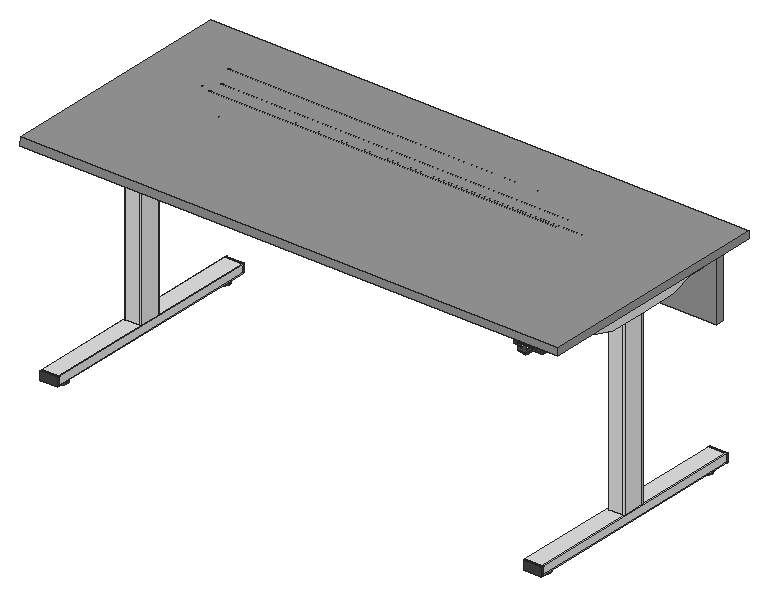
Revit family "Rise LT Rectangular Desk", category Furniture, Revit 2016
Family settings
  OmniClass Number = 23.40.20.00
  OmniClass Title = General Furniture and Specialties
  Work Plane-Based = No
  Always vertical = Yes
  Cut with Voids When Loaded = No
  Shared = No
  Room Calculation Point = No
Parameters (values of type "1800 x 800 with Modesty Panel & Cable Tray")
  Width = 1800 mm
  URL = "www.gof.co.uk"
  Type Comments = ""
  Range = "RISE LT"
  Product Code = "HDLS18"
  Modesty Panel Visible = yes
  Modesty Panel = "BTCPW18"
  HeightControl [instance] = if(Height < 720 mm, 720 mm, (if(Height > 1200 mm, 1200 mm, Height)))  # 727 mm
  Height [instance] = 727 mm
  Desktop = Gresham - Midnight Ash
  Model = ""
  Manufacturer = "Gresham Office Furniture"  # constant formula
  Frame = Gresham - Silver Metal
  Foot = Gresham - Black Plastic
  Cable Tray Visible = yes
  Cable Tray = "MECT18"
  Assembly Code = "E2020200"
Reference planes
  plane 1 "Center (Front/Back)": y = 0
  plane 2: z = 0
  plane 3 "Center (Left/Right)": x = 0
  plane 4: x = -900
  plane 5: x = 900
  plane 6 "Desktop Underside": z = 702
  plane 7: y = 400
  plane 8: y = -400
  plane 9 "Foot": z = 15
  plane 10: z = 727
  plane 11: x = 595.86
  plane 12: x = -595.86
  plane 13 "Control": x = 850
Forms (mm)
  Extrusion 1, solid, material "Gresham - Midnight Ash" <- "Desktop"
    sketch origin (0, 0, 702) x (-1, 0, 0) y (0, -1, 0)
      loop
        line (-900, 400) -> (-900, -400) -> (900, -400) -> (900, 400) -> (-900, 400)
    from 0 to 25
  Extrusion 2, solid, material "Gresham - Silver Metal" <- "Frame"
    sketch origin (-20.86, -302, 0) x (0, 1, 0) y (0, 0, 1)
      loop
        arc (344.5, 657) -> (346.621, 657.879) -> (347.5, 660) r 3
        line (347.5, 660) -> (347.5, 699)
        arc (347.5, 699) -> (346.621, 701.121) -> (344.5, 702) r 3
        line (344.5, 702) -> (307, 702) -> (307, 700) -> (344.5, 700)
        arc (344.5, 700) -> (345.207, 699.707) -> (345.5, 699) r 1
        line (345.5, 699) -> (345.5, 660)
        arc (345.5, 660) -> (345.207, 659.293) -> (344.5, 659) r 1
        line (344.5, 659) -> (310, 659)
        arc (310, 659) -> (309.293, 659.293) -> (309, 660) r 1
        line (309, 660) -> (309, 667) -> (307, 667) -> (307, 660)
        arc (307, 660) -> (307.879, 657.879) -> (310, 657) r 3
        line (310, 657) -> (344.5, 657)
    from -575 to 616.72
Dimensions and locks
  equal spacing: plane 4, plane 3 "Center (Left/Right)", plane 5
  "Width": plane 4 to plane 5
  equal spacing: plane 7, plane 1 "Center (Front/Back)", plane 8
  locked: plane 7 to plane 8 at 800
  locked: plane 2 to plane 9 "Foot" at 15
  "HeightControl": plane 10 to level
  locked: plane 10 to plane 6 "Desktop Underside" at 25
  locked: nested 1 to plane 5 at 60
  locked: plane 7 to nested 1 at 12
  locked: nested 2 to plane 4 at 60
  locked: Extrusion 2 sketch curve to Extrusion 2 sketch curve at 41
  locked: plane 7 to nested 2 at 12
  locked: plane 11 to plane 5 at 304.14
  locked: plane 4 to plane 12 at 304.14
  locked: plane 13 "Control" to plane 5 at 50
  locked: plane 6 "Desktop Underside" to nested 4 at 61.5
  locked: nested 4 to nested 4 at 53.5
  locked: plane 4 to nested 4 at 100
  locked: nested 4 to plane 5 at 100
  locked: plane 4 to nested 5 at 87
  locked: plane 7 to nested 5 at 195
  locked: plane 7 to nested 4 at 53.5
  aligned and locked: level to plane 2
  aligned and locked: plane 10 to Extrusion 1
  aligned and locked: plane 11 to Extrusion 2
  aligned and locked: plane 12 to Extrusion 2
  aligned and locked: nested 3 to plane 8
  aligned and locked: nested 3 to plane 13 "Control"
  aligned and locked: plane 6 "Desktop Underside" to nested 3
  aligned and locked: plane 6 "Desktop Underside" to nested 5
Automatic sketch dimensions
  Extrusion 2 sketch curve to Extrusion 2 sketch curve = 0 mm  (x7)
  Extrusion 2 sketch curve to plane 6 "Desktop Underside" = 0 mm
  Extrusion 2 sketch curve to plane 1 "Center (Front/Back)" = 5 mm
  Extrusion 2 sketch curve to plane 6 "Desktop Underside" = 2 mm
  Extrusion 2 sketch curve to Extrusion 2 sketch curve = 1 mm  (x2)
  Extrusion 2 sketch curve to Extrusion 2 sketch curve = 37.5 mm
  Extrusion 2 sketch curve to Extrusion 2 sketch curve = 34.5 mm
  Extrusion 2 sketch curve to Extrusion 2 sketch curve = 7 mm
  Extrusion 1 sketch curve to plane 5 = 0 mm
  Extrusion 1 sketch curve to plane 7 = 0 mm
  Extrusion 1 sketch curve to plane 4 = 0 mm
  plane 8 to Extrusion 1 sketch curve = 0 mm
Nested families
  nested 1: "Rise LT Leg" at (5, -202, 0), Height <- "HeightControl", type "Rise LT Leg"
    with HeightControl 727 mm, Height 727 mm
  nested 2: "Rise LT Leg" at (-5, -202, 0) x (-1, 0, 0) z (0, 0, 1), Height <- "HeightControl", type "Rise LT Leg"
    with HeightControl 727 mm, Height 727 mm
  nested 3: "Control" at (800, -367.5, 690), type "Controls"
  nested 4: "Cable Tray" at (0, 0, 0), Height <- "Height", visible <- "Cable Tray Visible", type "Cable Tray"
    with HeightControl 727 mm, Height 727 mm
  nested 5: "Modesty Panel" at (0, 0, 0), Height <- "Height", type "Modesty Panel"
    with HeightControl 727 mm, Height 727 mm
Definition of nested family "Rise LT Leg"
  Parameters (values of type "Rise LT Leg")
    Width = 1800 mm
    URL = "www.gof.co.uk"
    Type Comments = ""
    Range = "RISE LT"
    Product Code = ""
    Model = ""
    Manufacturer = "Gresham Office Furniture"  # constant formula
    HeightControl [instance] = if(Height < 720 mm, 720 mm, (if(Height > 1200 mm, 1200 mm, Height)))  # 727 mm
    Height [instance] = 727 mm
    Frame = none
    Foot = none
    Bung = none
    Assembly Code = "E2020200"
  Reference planes
    plane 1 "Center (Front/Back)": y = 200
    plane 2: z = 0
    plane 3 "Center (Left/Right)": x = 0
    plane 4: x = -900
    plane 5: x = 900
    plane 6 "Desktop": z = 727
    plane 7: y = 600
    plane 8: y = -200
    plane 9 "Foot": z = 15
    plane 10 "Desktop Underside": z = 702
    plane 11 "Max Height": z = 1200
    plane 12 "Max Desktop Underside": z = 1175
  Forms (mm)
    Extrusion 1, solid, material <- "Frame"
      sketch origin (0, 0, 727) x (-1, 0, 0) y (0, -1, 0)
        loop
          line (-827.511, -240) -> (-782.511, -240)
          arc (-782.511, -240) -> (-778.976, -238.536) -> (-777.511, -235) r 5
          line (-777.511, -235) -> (-777.511, -165)
          arc (-777.511, -165) -> (-778.976, -161.464) -> (-782.511, -160) r 5
          line (-782.511, -160) -> (-827.511, -160)
          arc (-827.511, -160) -> (-831.047, -161.464) -> (-832.511, -165) r 5
          line (-832.511, -165) -> (-832.511, -235)
          arc (-832.511, -235) -> (-831.047, -238.536) -> (-827.511, -240) r 5
      from -682 to -82
    Extrusion 2, solid, material <- "Frame"
      sketch origin (0, 200, 0) x (1, 0, 0) y (0, 0, 1)
        loop
          line (833, 45) -> (777, 45)
          arc (777, 45) -> (775.586, 44.414) -> (775, 43) r 2
          line (775, 43) -> (775, 17)
          arc (775, 17) -> (775.586, 15.586) -> (777, 15) r 2
          line (777, 15) -> (833, 15)
          arc (833, 15) -> (834.414, 15.586) -> (835, 17) r 2
          line (835, 17) -> (835, 43)
          arc (835, 43) -> (834.414, 44.414) -> (833, 45) r 2
      from -385 to 385
    Extrusion 3, solid, material <- "Frame"
      sketch origin (0, 200, 70) x (1, 0, 0) y (0, 0, 1)
        loop
          line (842.511, 632) -> (590.86, 632) -> (590.86, 617)
          arc (590.86, 617) -> (599.647, 595.787) -> (620.86, 587) r 30
          line (620.86, 587) -> (842.511, 587) -> (842.511, 632)
      from -47.5 to 47.5
    Extrusion 4, solid, material <- "Frame"
      sketch origin (0, 200, 70) x (1, 0, 0) y (0, 0, 1)
        loop
          line (842.511, 632) -> (842.511, 622) -> (844.511, 622) -> (844.511, 630.159) -> (860.511, 630.159) -> (860.511, 579) -> (843.693, 579) -> (843.693, 582.43) -> (841.693, 582.43) -> (841.693, 577) -> (862.511, 577) -> (862.511, 632) -> (842.511, 632)
      from -275 to 275
    Extrusion 5, void
      sketch origin (870.011, 200, 1175) x (0, 0, 1) y (0, 1, 0)
        loop
          line (-528, 0) -> (-528, 125) -> (-483, 275) -> (-473, 275) -> (-473, 333.867) -> (-576.413, 333.867) -> (-576.413, 0) -> (-576.413, -333.867) -> (-473, -333.867) -> (-473, -275) -> (-483, -275) -> (-528, -125) -> (-528, 0)
      from -29.989 to 70.011
    Extrusion 6, solid, material <- "Frame"
      sketch origin (0, 0, 727) x (-1, 0, 0) y (0, -1, 0)
        loop
          line (-827.511, -238) -> (-782.511, -238)
          arc (-782.511, -238) -> (-780.39, -237.121) -> (-779.511, -235) r 3
          line (-779.511, -235) -> (-779.511, -165)
          arc (-779.511, -165) -> (-780.39, -162.879) -> (-782.511, -162) r 3
          line (-782.511, -162) -> (-827.511, -162)
          arc (-827.511, -162) -> (-829.633, -162.879) -> (-830.511, -165) r 3
          line (-830.511, -165) -> (-830.511, -235)
          arc (-830.511, -235) -> (-829.633, -237.121) -> (-827.511, -238) r 3
      from -82 to -70
    Revolve 7, solid, material <- "Foot"
      sketch origin (0, 540, 0) x (1, 0, 0) y (0, 0, 1)
        loop
          line (804.324, 0) -> (824.324, 0) -> (814.324, 15) -> (804.324, 15) -> (804.324, 0)
        axis (804.324, 15) -> (804.324, 0)
      angle from 0 to 360
    Revolve 8, solid, material <- "Foot"
      sketch origin (0, -140, 0) x (1, 0, 0) y (0, 0, -1)
        loop
          line (804.324, 0) -> (804.324, -15) -> (814.324, -15) -> (824.324, 0) -> (804.324, 0)
        axis (804.324, -15) -> (804.324, 0)
      angle from 0 to 360
    Extrusion 9, solid, material <- "Bung"
      sketch origin (0, 201.489, 0) x (1, 0, 0) y (0, 0, 1)
        loop
          line (833, 45) -> (777, 45)
          arc (777, 45) -> (775.586, 44.414) -> (775, 43) r 2
          line (775, 43) -> (775, 17)
          arc (775, 17) -> (775.586, 15.586) -> (777, 15) r 2
          line (777, 15) -> (833, 15)
          arc (833, 15) -> (834.414, 15.586) -> (835, 17) r 2
          line (835, 17) -> (835, 43)
          arc (835, 43) -> (834.414, 44.414) -> (833, 45) r 2
      from 386.489 to 391.489
    Extrusion 10, solid, material <- "Bung"
      sketch origin (0, 198.511, 0) x (1, 0, 0) y (0, 0, -1)
        loop
          arc (833, -45) -> (834.414, -44.414) -> (835, -43) r 2
          line (835, -43) -> (835, -17)
          arc (835, -17) -> (834.414, -15.586) -> (833, -15) r 2
          line (833, -15) -> (777, -15)
          arc (777, -15) -> (775.586, -15.586) -> (775, -17) r 2
          line (775, -17) -> (775, -43)
          arc (775, -43) -> (775.586, -44.414) -> (777, -45) r 2
          line (777, -45) -> (833, -45)
      from 386.489 to 391.489
  Cuts and joins
    Extrusion 5 cuts Extrusion 4
  Dimensions and locks
    equal spacing: plane 4, plane 3 "Center (Left/Right)", plane 5
    "Width": plane 4 to plane 5
    equal spacing: plane 7, plane 1 "Center (Front/Back)", plane 8
    locked: plane 7 to plane 8 at 800
    locked: plane 9 "Foot" to level at 15
    locked: plane 6 "Desktop" to plane 10 "Desktop Underside" at 25
    locked: plane 5 to Extrusion 2 at 65
    Extrusion 3 to Extrusion 3 = 95 mm
    plane 1 "Center (Front/Back)" to Extrusion 4 = 275 mm
    equal spacing: Extrusion 4, plane 1 "Center (Front/Back)", Extrusion 4
    plane 11 "Max Height" to level = 1200 mm
    locked: Extrusion 3 sketch curve to Extrusion 3 sketch curve at 45
    locked: Extrusion 5 sketch curve to Extrusion 5 sketch curve at 103.413
    "HeightControl": plane 6 "Desktop" to level
    locked: Extrusion 1 to level at 645
    locked: Extrusion 2 to Extrusion 2 at 30
    Extrusion 2 to Revolve 7 = 45 mm
    locked: Extrusion 9 to Extrusion 9 at 5
    locked: Extrusion 5 to plane 5 at 100
    locked: Extrusion 10 to Extrusion 10 at 5
    plane 9 "Foot" to level = 15 mm
    Revolve 8 to Extrusion 9 = 45 mm
    locked: Extrusion 3 to plane 5 at 309.14
    aligned and locked: level to plane 2
    aligned and locked: Extrusion 6 to Extrusion 3
    aligned and locked: Extrusion 6 to Extrusion 1
    aligned and locked: Extrusion 2 to plane 9 "Foot"
    aligned and locked: Extrusion 1 to Extrusion 2
    aligned and locked: Extrusion 2 to Extrusion 9
    aligned and locked: Extrusion 5 to plane 5
    aligned and locked: Extrusion 2 to Extrusion 10
  Automatic sketch dimensions
    plane 1 "Center (Front/Back)" to Extrusion 1 sketch curve = 35 mm
    plane 5 to Extrusion 1 sketch curve = 67.489 mm
    Extrusion 1 sketch curve to Extrusion 1 sketch curve = 5 mm  (x3)
    Extrusion 1 sketch curve to Extrusion 1 sketch curve = 45 mm  (x2)
    Extrusion 1 sketch curve to plane 1 "Center (Front/Back)" = 35 mm
    Extrusion 2 sketch curve to plane 9 "Foot" = 0 mm
    plane 9 "Foot" to Extrusion 2 sketch curve = 2 mm  (x2)
    plane 5 to Extrusion 2 sketch curve = 125 mm
    Extrusion 2 sketch curve to Extrusion 2 sketch curve = 2 mm
    Extrusion 2 sketch curve to Extrusion 2 sketch curve = 56 mm
    Extrusion 2 sketch curve to Extrusion 2 sketch curve = 0 mm
    Extrusion 2 sketch curve to Extrusion 2 sketch curve = 26 mm
    Extrusion 3 sketch curve to plane 10 "Desktop Underside" = 0 mm
    plane 3 "Center (Left/Right)" to Extrusion 3 sketch curve = 590.86 mm
    Extrusion 3 sketch curve to Extrusion 3 sketch curve = 30 mm
    plane 5 to Extrusion 3 sketch curve = 57.489 mm
    Extrusion 4 sketch curve to plane 10 "Desktop Underside" = 0 mm
    plane 5 to Extrusion 4 sketch curve = 58.307 mm
    Extrusion 4 sketch curve to plane 10 "Desktop Underside" = 10 mm
    Extrusion 4 sketch curve to Extrusion 4 sketch curve = 0.819 mm
    Extrusion 4 sketch curve to Extrusion 4 sketch curve = 2 mm  (x4)
    Extrusion 4 sketch curve to plane 10 "Desktop Underside" = 1.841 mm
    Extrusion 4 sketch curve to Extrusion 4 sketch curve = 16 mm
    Extrusion 4 sketch curve to Extrusion 4 sketch curve = 39.57 mm
    Extrusion 4 sketch curve to Extrusion 4 sketch curve = 3.43 mm
    Extrusion 5 sketch curve to plane 1 "Center (Front/Back)" = 0 mm  (x2)
    Extrusion 5 sketch curve to plane 10 "Desktop Underside" = 0 mm  (x2)
    Extrusion 5 sketch curve to plane 10 "Desktop Underside" = 55 mm
    Extrusion 5 sketch curve to plane 10 "Desktop Underside" = 10 mm  (x2)
    Extrusion 5 sketch curve to Extrusion 5 sketch curve = 125 mm
    plane 8 to Extrusion 5 sketch curve = 125 mm
    Extrusion 5 sketch curve to Extrusion 5 sketch curve = 58.867 mm
    Extrusion 5 sketch curve to plane 1 "Center (Front/Back)" = 125 mm
    Extrusion 5 sketch curve to plane 7 = 125 mm
    Extrusion 5 sketch curve to plane 7 = 66.133 mm
    plane 1 "Center (Front/Back)" to Extrusion 6 sketch curve = 35 mm
    plane 5 to Extrusion 6 sketch curve = 69.489 mm
    Extrusion 6 sketch curve to Extrusion 6 sketch curve = 3 mm  (x3)
    Extrusion 6 sketch curve to Extrusion 6 sketch curve = 45 mm  (x2)
    Extrusion 6 sketch curve to plane 1 "Center (Front/Back)" = 35 mm
    Revolve 7 sketch curve to level = 0 mm
    Revolve 7 sketch curve to plane 9 "Foot" = 0 mm  (x2)
    plane 5 to Revolve 7 sketch curve = 95.676 mm
    Revolve 7 sketch curve to Revolve 7 sketch curve = 10 mm  (x2)
    Revolve 7 sketch curve to Revolve 7 sketch curve = 0 mm
    Revolve 7 sketch curve to Revolve 7 sketch curve = 11.548 mm
    Revolve 8 sketch curve to level = 0 mm
    Revolve 8 sketch curve to plane 9 "Foot" = 0 mm  (x2)
    plane 5 to Revolve 8 sketch curve = 95.676 mm
    Revolve 8 sketch curve to Revolve 8 sketch curve = 10 mm  (x2)
    Revolve 8 sketch curve to Revolve 8 sketch curve = 0 mm
    Revolve 8 sketch curve to Revolve 8 sketch curve = 11.548 mm
    Extrusion 9 sketch curve to plane 9 "Foot" = 0 mm
    plane 9 "Foot" to Extrusion 9 sketch curve = 28 mm
    plane 5 to Extrusion 9 sketch curve = 125 mm
    Extrusion 9 sketch curve to Extrusion 9 sketch curve = 2 mm  (x3)
    Extrusion 9 sketch curve to Extrusion 9 sketch curve = 56 mm
    Extrusion 9 sketch curve to Extrusion 9 sketch curve = 0 mm
    Extrusion 10 sketch curve to plane 9 "Foot" = 0 mm
    plane 9 "Foot" to Extrusion 10 sketch curve = 28 mm
    plane 5 to Extrusion 10 sketch curve = 125 mm
    Extrusion 10 sketch curve to Extrusion 10 sketch curve = 2 mm  (x3)
    Extrusion 10 sketch curve to Extrusion 10 sketch curve = 56 mm
    Extrusion 10 sketch curve to Extrusion 10 sketch curve = 0 mm
Definition of nested family "Control"
  Parameters (values of type "Controls")
    URL = "www.gof.co.uk"
    Rubber Keys = none
    Range = "RANGE LT"
    Product Code = "Controls"
    Plastic Case = none
    Manufacturer = "Gresham Office Furniture"  # constant formula
  Reference planes
    plane 1 "Center (Front/Back)": y = 0
    plane 2: z = 0
    plane 3 "Center (Left/Right)": x = 0
  Forms (mm)
    Extrusion 1, solid, material <- "Plastic Case"
      sketch origin (0, 0, 0) x (1, 0, 0) y (0, 1, 0)
        loop
          arc (-45, 32.5) -> (-48.536, 31.036) -> (-50, 27.5) r 5
          line (-50, 27.5) -> (-50, -27.5)
          arc (-50, -27.5) -> (-48.536, -31.036) -> (-45, -32.5) r 5
          line (-45, -32.5) -> (45, -32.5)
          arc (45, -32.5) -> (48.536, -31.036) -> (50, -27.5) r 5
          line (50, -27.5) -> (50, 27.5)
          arc (50, 27.5) -> (48.536, 31.036) -> (45, 32.5) r 5
          line (45, 32.5) -> (-45, 32.5)
      from 0 to 12
    Sweep 2, solid, material <- "Plastic Case"
      path origin (0, 0, 2) x (0, 1, 0) y (0, 0, 1)
        loop
          line (-32.5, 6) -> (-36.392, 6)
          arc (-36.392, 6) -> (-37.474, 5.881) -> (-38.505, 5.532) r 5
          line (-38.505, 5.532) -> (-55.626, -2.452)
      profile origin (0, -34.446, 8) x (0, 0, -1) y (1, 0, 0)
        loop
          line (-4, 30) -> (-4, -30) -> (4, -30) -> (4, 30) -> (-4, 30)
    Extrusion 3, void
      sketch origin (-30, -40.195, 11.157) x (0, -0.906308, -0.422618) y (1, 0, 0)
        loop
          line (18.892, 75) -> (-7.33, 75) -> (-7.33, 60) -> (10.178, 50.091)
          arc (10.178, 50.091) -> (14.833, 46.912) -> (18.892, 43) r 33.579
          line (18.892, 43) -> (18.892, 75)
      from -13.674 to 7.77
    Extrusion 4, void
      sketch origin (30, -40.195, 11.157) x (0, -0.906308, -0.422618) y (1, 0, 0)
        loop
          line (18.892, -75) -> (18.892, -43)
          arc (18.892, -43) -> (14.833, -46.912) -> (10.178, -50.091) r 33.579
          line (10.178, -50.091) -> (-7.33, -60) -> (-7.33, -75) -> (18.892, -75)
      from -13.674 to 7.77
    Extrusion 5, solid, material <- "Rubber Keys"
      sketch origin (-30, -40.195, 11.157) x (0, -0.906308, -0.422618) y (1, 0, 0)
        loop
          line (0.281, 19.363) -> (8.531, 14.6) -> (8.531, 24.126) -> (0.281, 19.363)
        loop
          line (0.656, 35.874) -> (8.906, 40.637) -> (0.656, 45.4) -> (0.656, 35.874)
      from 0 to 1.5
  Cuts and joins
    Extrusion 3, Extrusion 4 cuts Sweep 2
  Dimensions and locks
    aligned and locked: level to plane 2
Definition of nested family "Cable Tray"
  Parameters (values of type "Cable Tray")
    Width = 1800 mm
    URL = "www.gof.co.uk"
    Type Comments = ""
    Range = "RISE LT"
    Product Code = ""
    Modesty Panel = none
    HeightControl [instance] = if(Height < 720 mm, 720 mm, (if(Height > 1200 mm, 1200 mm, Height)))  # 727 mm
    Height [instance] = 727 mm
    Desktop = none
    Model = ""
    Manufacturer = "Gresham Office Furniture"  # constant formula
    Frame = none
    Foot = none
    Cable Tray Clips = none
    Cable Tray = yes
    Assembly Code = "E2020200"
  Reference planes
    plane 1 "Center (Front/Back)": y = 0
    plane 2: z = 0
    plane 3 "Center (Left/Right)": x = 0
    plane 4: x = -900
    plane 5: x = 900
    plane 6 "Desktop Underside": z = 702
    plane 7: y = 400
    plane 8: y = -400
    plane 9 "Foot": z = 15
    plane 10: z = 727
    plane 11 "Cable Tray Left": x = -800
    plane 12 "Cable Tray Right": x = 800
  Forms (mm)
    Extrusion 1, solid, material <- "Frame", visible <- "Cable Tray"
      sketch origin (0, 12.089, -4.885) x (0, 1, 0) y (0, 0, 1)
        loop
          circle (301.911, 615.385) r 1.5
        loop
          circle (251.911, 615.385) r 1.5
        loop
          circle (220.911, 645.385) r 1.5
        loop
          circle (332.911, 645.385) r 1.5
      from -800 to 800
    Sweep 2, solid, material <- "Frame", visible <- "Cable Tray"
      path in 3D
        loop
          line (0, 341.76, 640.5) -> (0, 333.661, 615.573)
          arc (0, 333.661, 615.573) -> (0, 332.571, 614.073) -> (0, 330.808, 613.5) r 3
          line (0, 330.808, 613.5) -> (0, 247.192, 613.5)
          arc (0, 247.192, 613.5) -> (0, 245.429, 614.073) -> (0, 244.339, 615.573) r 3
          line (0, 244.339, 615.573) -> (0, 236.24, 640.5)
      profile origin (0, 289, 613.5) x (0, 0, 1) y (-1, 0, 0)
        loop
          circle (0, 0) r 1.5
    Sweep 3, solid, material <- "Frame", visible <- "Cable Tray", not visible
      path in 3D
        loop
          line (0, 329.671, 645.385) -> (0, 321.572, 620.458)
          arc (0, 321.572, 620.458) -> (0, 320.482, 618.958) -> (0, 318.719, 618.385) r 3
          line (0, 318.719, 618.385) -> (0, 235.103, 618.385)
          arc (0, 235.103, 618.385) -> (0, 233.34, 618.958) -> (0, 232.25, 620.458) r 3
          line (0, 232.25, 620.458) -> (0, 224.151, 645.385)
      profile origin (0, 276.911, 618.385) x (0, 0, 1) y (-1, 0, 0)
        loop
          circle (0, 0) r 1.5
    Sweep 4, solid, material <- "Frame", visible <- "Cable Tray"
      path in 3D
        loop
          line (800, 342.073, 640.5) -> (800, 333.974, 615.573)
          arc (800, 333.974, 615.573) -> (800, 332.884, 614.073) -> (800, 331.121, 613.5) r 3
          line (800, 331.121, 613.5) -> (800, 247.505, 613.5)
          arc (800, 247.505, 613.5) -> (800, 245.742, 614.073) -> (800, 244.652, 615.573) r 3
          line (800, 244.652, 615.573) -> (800, 236.553, 640.5)
      profile origin (800, 289.313, 613.5) x (0, 0, 1) y (-1, 0, 0)
        loop
          circle (0, 0) r 1.5
    Sweep 5, solid, material <- "Frame", visible <- "Cable Tray"
      path in 3D
        loop
          line (-800, 342.073, 640.5) -> (-800, 333.974, 615.573)
          arc (-800, 333.974, 615.573) -> (-800, 332.884, 614.073) -> (-800, 331.121, 613.5) r 3
          line (-800, 331.121, 613.5) -> (-800, 247.505, 613.5)
          arc (-800, 247.505, 613.5) -> (-800, 245.742, 614.073) -> (-800, 244.652, 615.573) r 3
          line (-800, 244.652, 615.573) -> (-800, 236.553, 640.5)
      profile origin (-800, 289.313, 613.5) x (0, 0, 1) y (-1, 0, 0)
        loop
          circle (0, 0) r 1.5
    Sweep 6, solid, material <- "Frame", visible <- "Cable Tray"
      path in 3D
        loop
          line (100, 341.76, 640.5) -> (100, 333.661, 615.573)
          arc (100, 333.661, 615.573) -> (100, 332.571, 614.073) -> (100, 330.808, 613.5) r 3
          line (100, 330.808, 613.5) -> (100, 247.192, 613.5)
          arc (100, 247.192, 613.5) -> (100, 245.429, 614.073) -> (100, 244.339, 615.573) r 3
          line (100, 244.339, 615.573) -> (100, 236.24, 640.5)
      profile origin (100, 289, 613.5) x (0, 0, 1) y (-1, 0, 0)
        loop
          circle (0, 0) r 1.5
    Sweep 7, solid, material <- "Frame", visible <- "Cable Tray"
      path in 3D
        loop
          line (300, 341.76, 640.5) -> (300, 333.661, 615.573)
          arc (300, 333.661, 615.573) -> (300, 332.571, 614.073) -> (300, 330.808, 613.5) r 3
          line (300, 330.808, 613.5) -> (300, 247.192, 613.5)
          arc (300, 247.192, 613.5) -> (300, 245.429, 614.073) -> (300, 244.339, 615.573) r 3
          line (300, 244.339, 615.573) -> (300, 236.24, 640.5)
      profile origin (300, 289, 613.5) x (0, 0, 1) y (-1, 0, 0)
        loop
          circle (0, 0) r 1.5
    Sweep 8, solid, material <- "Frame", visible <- "Cable Tray"
      path in 3D
        loop
          line (400, 341.76, 640.5) -> (400, 333.661, 615.573)
          arc (400, 333.661, 615.573) -> (400, 332.571, 614.073) -> (400, 330.808, 613.5) r 3
          line (400, 330.808, 613.5) -> (400, 247.192, 613.5)
          arc (400, 247.192, 613.5) -> (400, 245.429, 614.073) -> (400, 244.339, 615.573) r 3
          line (400, 244.339, 615.573) -> (400, 236.24, 640.5)
      profile origin (400, 289, 613.5) x (0, 0, 1) y (-1, 0, 0)
        loop
          circle (0, 0) r 1.5
    Sweep 9, solid, material <- "Frame", visible <- "Cable Tray"
      path in 3D
        loop
          line (500, 341.76, 640.5) -> (500, 333.661, 615.573)
          arc (500, 333.661, 615.573) -> (500, 332.571, 614.073) -> (500, 330.808, 613.5) r 3
          line (500, 330.808, 613.5) -> (500, 247.192, 613.5)
          arc (500, 247.192, 613.5) -> (500, 245.429, 614.073) -> (500, 244.339, 615.573) r 3
          line (500, 244.339, 615.573) -> (500, 236.24, 640.5)
      profile origin (500, 289, 613.5) x (0, 0, 1) y (-1, 0, 0)
        loop
          circle (0, 0) r 1.5
    Sweep 10, solid, material <- "Frame", visible <- "Cable Tray"
      path in 3D
        loop
          line (600, 341.76, 640.5) -> (600, 333.661, 615.573)
          arc (600, 333.661, 615.573) -> (600, 332.571, 614.073) -> (600, 330.808, 613.5) r 3
          line (600, 330.808, 613.5) -> (600, 247.192, 613.5)
          arc (600, 247.192, 613.5) -> (600, 245.429, 614.073) -> (600, 244.339, 615.573) r 3
          line (600, 244.339, 615.573) -> (600, 236.24, 640.5)
      profile origin (600, 289, 613.5) x (0, 0, 1) y (-1, 0, 0)
        loop
          circle (0, 0) r 1.5
    Sweep 11, solid, material <- "Frame", visible <- "Cable Tray"
      path in 3D
        loop
          line (700, 341.76, 640.5) -> (700, 333.661, 615.573)
          arc (700, 333.661, 615.573) -> (700, 332.571, 614.073) -> (700, 330.808, 613.5) r 3
          line (700, 330.808, 613.5) -> (700, 247.192, 613.5)
          arc (700, 247.192, 613.5) -> (700, 245.429, 614.073) -> (700, 244.339, 615.573) r 3
          line (700, 244.339, 615.573) -> (700, 236.24, 640.5)
      profile origin (700, 289, 613.5) x (0, 0, 1) y (-1, 0, 0)
        loop
          circle (0, 0) r 1.5
    Sweep 12, solid, material <- "Frame", visible <- "Cable Tray"
      path in 3D
        loop
          line (200, 341.76, 640.5) -> (200, 333.661, 615.573)
          arc (200, 333.661, 615.573) -> (200, 332.571, 614.073) -> (200, 330.808, 613.5) r 3
          line (200, 330.808, 613.5) -> (200, 247.192, 613.5)
          arc (200, 247.192, 613.5) -> (200, 245.429, 614.073) -> (200, 244.339, 615.573) r 3
          line (200, 244.339, 615.573) -> (200, 236.24, 640.5)
      profile origin (200, 289, 613.5) x (0, 0, 1) y (-1, 0, 0)
        loop
          circle (0, 0) r 1.5
    Sweep 13, solid, material <- "Frame", visible <- "Cable Tray"
      path in 3D
        loop
          line (-100, 341.76, 640.5) -> (-100, 333.661, 615.573)
          arc (-100, 333.661, 615.573) -> (-100, 332.571, 614.073) -> (-100, 330.808, 613.5) r 3
          line (-100, 330.808, 613.5) -> (-100, 247.192, 613.5)
          arc (-100, 247.192, 613.5) -> (-100, 245.429, 614.073) -> (-100, 244.339, 615.573) r 3
          line (-100, 244.339, 615.573) -> (-100, 236.24, 640.5)
      profile origin (-100, 289, 613.5) x (0, 0, 1) y (-1, 0, 0)
        loop
          circle (0, 0) r 1.5
    Sweep 14, solid, material <- "Frame", visible <- "Cable Tray"
      path in 3D
        loop
          line (-300, 341.76, 640.5) -> (-300, 333.661, 615.573)
          arc (-300, 333.661, 615.573) -> (-300, 332.571, 614.073) -> (-300, 330.808, 613.5) r 3
          line (-300, 330.808, 613.5) -> (-300, 247.192, 613.5)
          arc (-300, 247.192, 613.5) -> (-300, 245.429, 614.073) -> (-300, 244.339, 615.573) r 3
          line (-300, 244.339, 615.573) -> (-300, 236.24, 640.5)
      profile origin (-300, 289, 613.5) x (0, 0, 1) y (-1, 0, 0)
        loop
          circle (0, 0) r 1.5
    Sweep 15, solid, material <- "Frame", visible <- "Cable Tray"
      path in 3D
        loop
          line (-400, 341.76, 640.5) -> (-400, 333.661, 615.573)
          arc (-400, 333.661, 615.573) -> (-400, 332.571, 614.073) -> (-400, 330.808, 613.5) r 3
          line (-400, 330.808, 613.5) -> (-400, 247.192, 613.5)
          arc (-400, 247.192, 613.5) -> (-400, 245.429, 614.073) -> (-400, 244.339, 615.573) r 3
          line (-400, 244.339, 615.573) -> (-400, 236.24, 640.5)
      profile origin (-400, 289, 613.5) x (0, 0, 1) y (-1, 0, 0)
        loop
          circle (0, 0) r 1.5
    Sweep 16, solid, material <- "Frame", visible <- "Cable Tray"
      path in 3D
        loop
          line (-500, 341.76, 640.5) -> (-500, 333.661, 615.573)
          arc (-500, 333.661, 615.573) -> (-500, 332.571, 614.073) -> (-500, 330.808, 613.5) r 3
          line (-500, 330.808, 613.5) -> (-500, 247.192, 613.5)
          arc (-500, 247.192, 613.5) -> (-500, 245.429, 614.073) -> (-500, 244.339, 615.573) r 3
          line (-500, 244.339, 615.573) -> (-500, 236.24, 640.5)
      profile origin (-500, 289, 613.5) x (0, 0, 1) y (-1, 0, 0)
        loop
          circle (0, 0) r 1.5
    Sweep 17, solid, material <- "Frame", visible <- "Cable Tray"
      path in 3D
        loop
          line (-600, 341.76, 640.5) -> (-600, 333.661, 615.573)
          arc (-600, 333.661, 615.573) -> (-600, 332.571, 614.073) -> (-600, 330.808, 613.5) r 3
          line (-600, 330.808, 613.5) -> (-600, 247.192, 613.5)
          arc (-600, 247.192, 613.5) -> (-600, 245.429, 614.073) -> (-600, 244.339, 615.573) r 3
          line (-600, 244.339, 615.573) -> (-600, 236.24, 640.5)
      profile origin (-600, 289, 613.5) x (0, 0, 1) y (-1, 0, 0)
        loop
          circle (0, 0) r 1.5
    Sweep 18, solid, material <- "Frame", visible <- "Cable Tray"
      path in 3D
        loop
          line (-700, 341.76, 640.5) -> (-700, 333.661, 615.573)
          arc (-700, 333.661, 615.573) -> (-700, 332.571, 614.073) -> (-700, 330.808, 613.5) r 3
          line (-700, 330.808, 613.5) -> (-700, 247.192, 613.5)
          arc (-700, 247.192, 613.5) -> (-700, 245.429, 614.073) -> (-700, 244.339, 615.573) r 3
          line (-700, 244.339, 615.573) -> (-700, 236.24, 640.5)
      profile origin (-700, 289, 613.5) x (0, 0, 1) y (-1, 0, 0)
        loop
          circle (0, 0) r 1.5
    Sweep 19, solid, material <- "Frame", visible <- "Cable Tray"
      path in 3D
        loop
          line (-200, 341.76, 640.5) -> (-200, 333.661, 615.573)
          arc (-200, 333.661, 615.573) -> (-200, 332.571, 614.073) -> (-200, 330.808, 613.5) r 3
          line (-200, 330.808, 613.5) -> (-200, 247.192, 613.5)
          arc (-200, 247.192, 613.5) -> (-200, 245.429, 614.073) -> (-200, 244.339, 615.573) r 3
          line (-200, 244.339, 615.573) -> (-200, 236.24, 640.5)
      profile origin (-200, 289, 613.5) x (0, 0, 1) y (-1, 0, 0)
        loop
          circle (0, 0) r 1.5
    Extrusion 20, solid, material <- "Cable Tray Clips", visible <- "Cable Tray"
      sketch origin (615, 0, 0) x (0, 1, 0) y (0, 0, 1)
        loop
          arc (346.5, 640.5) -> (345, 639) -> (343.5, 640.5) r 1.5
          line (343.5, 640.5) -> (343.5, 645.926) -> (340.5, 645.926) -> (340.5, 640.5)
          arc (340.5, 640.5) -> (345, 636) -> (349.5, 640.5) r 4.5
          line (349.5, 640.5) -> (349.5, 677.5)
          arc (349.5, 677.5) -> (348.692, 680.415) -> (346.5, 682.5) r 5.667
          arc (346.5, 682.5) -> (322.774, 690.464) -> (297.984, 693.899) r 134.615
          line (297.984, 693.899) -> (297.984, 697) -> (303.984, 697) -> (303.984, 702) -> (279.984, 702) -> (279.984, 697) -> (285.984, 697) -> (285.984, 693.899)
          arc (285.984, 693.899) -> (261.193, 690.464) -> (237.467, 682.5) r 134.615
          arc (237.467, 682.5) -> (235.275, 680.415) -> (234.435, 677.5) r 5.667
          line (234.435, 677.5) -> (234.435, 670.5)
          arc (234.435, 670.5) -> (232.935, 669) -> (231.435, 670.5) r 1.5
          line (231.435, 670.5) -> (231.435, 675.5) -> (228.435, 675.5) -> (228.435, 670.5)
          arc (228.435, 670.5) -> (230.365, 666.806) -> (234.5, 666.281) r 4.5
          line (234.5, 666.281) -> (234.5, 640.5)
          arc (234.5, 640.5) -> (233, 639) -> (231.5, 640.5) r 1.5
          line (231.5, 640.5) -> (231.5, 645.5) -> (228.5, 645.5) -> (228.5, 640.5)
          arc (228.5, 640.5) -> (233, 636) -> (237.5, 640.5) r 4.5
          line (237.5, 640.5) -> (237.5, 677.793)
          arc (237.5, 677.793) -> (237.882, 679.174) -> (238.92, 680.161) r 2.683
          arc (238.92, 680.161) -> (291.984, 691.033) -> (345.047, 680.161) r 134.926
          arc (345.047, 680.161) -> (346.085, 679.174) -> (346.467, 677.793) r 2.683
          line (346.467, 677.793) -> (346.467, 670.5)
          arc (346.467, 670.5) -> (344.951, 668.984) -> (343.435, 670.5) r 1.516
          line (343.435, 670.5) -> (343.435, 675.5) -> (340.435, 675.5) -> (340.435, 670.5)
          arc (340.435, 670.5) -> (342.365, 666.806) -> (346.5, 666.281) r 4.5
          line (346.5, 666.281) -> (346.5, 640.5)
      from 0 to 25
    Extrusion 21, solid, material <- "Cable Tray Clips", visible <- "Cable Tray"
      sketch origin (-615, 0, 0) x (0, 1, 0) y (0, 0, -1)
        loop
          line (346.5, -640.5) -> (346.5, -666.281)
          arc (346.5, -666.281) -> (342.365, -666.806) -> (340.435, -670.5) r 4.5
          line (340.435, -670.5) -> (340.435, -675.5) -> (343.435, -675.5) -> (343.435, -670.5)
          arc (343.435, -670.5) -> (344.951, -668.984) -> (346.467, -670.5) r 1.516
          line (346.467, -670.5) -> (346.467, -677.793)
          arc (346.467, -677.793) -> (346.085, -679.174) -> (345.047, -680.161) r 2.683
          arc (345.047, -680.161) -> (291.984, -691.033) -> (238.92, -680.161) r 134.926
          arc (238.92, -680.161) -> (237.882, -679.174) -> (237.5, -677.793) r 2.683
          line (237.5, -677.793) -> (237.5, -640.5)
          arc (237.5, -640.5) -> (233, -636) -> (228.5, -640.5) r 4.5
          line (228.5, -640.5) -> (228.5, -645.5) -> (231.5, -645.5) -> (231.5, -640.5)
          arc (231.5, -640.5) -> (233, -639) -> (234.5, -640.5) r 1.5
          line (234.5, -640.5) -> (234.5, -666.281)
          arc (234.5, -666.281) -> (230.365, -666.806) -> (228.435, -670.5) r 4.5
          line (228.435, -670.5) -> (228.435, -675.5) -> (231.435, -675.5) -> (231.435, -670.5)
          arc (231.435, -670.5) -> (232.935, -669) -> (234.435, -670.5) r 1.5
          line (234.435, -670.5) -> (234.435, -677.5)
          arc (234.435, -677.5) -> (235.275, -680.415) -> (237.467, -682.5) r 5.667
          arc (237.467, -682.5) -> (261.193, -690.464) -> (285.984, -693.899) r 134.615
          line (285.984, -693.899) -> (285.984, -697) -> (279.984, -697) -> (279.984, -702) -> (303.984, -702) -> (303.984, -697) -> (297.984, -697) -> (297.984, -693.899)
          arc (297.984, -693.899) -> (322.774, -690.464) -> (346.5, -682.5) r 134.615
          arc (346.5, -682.5) -> (348.692, -680.415) -> (349.5, -677.5) r 5.667
          line (349.5, -677.5) -> (349.5, -640.5)
          arc (349.5, -640.5) -> (345, -636) -> (340.5, -640.5) r 4.5
          line (340.5, -640.5) -> (340.5, -645.926) -> (343.5, -645.926) -> (343.5, -640.5)
          arc (343.5, -640.5) -> (345, -639) -> (346.5, -640.5) r 1.5
      from 0 to 25
  Lines and regions (mm)
    model lines, not visible
      curve 1: arc (0, 315.5, 610.5) -> (0, 314, 612) -> (0, 312.5, 610.5) r 1.5
      curve 2: arc (0, 265.5, 610.5) -> (0, 264, 612) -> (0, 262.5, 610.5) r 1.5
      curve 3: line (0, 330.808, 613.5) -> (0, 247.192, 613.5)
      curve 4: line (0, 244.339, 615.573) -> (0, 236.24, 640.5)
      curve 5: arc (0, 247.192, 613.5) -> (0, 245.429, 614.073) -> (0, 244.339, 615.573) r 3
      curve 6: line (0, 333.661, 615.573) -> (0, 341.76, 640.5)
      curve 7: arc (0, 330.808, 613.5) -> (0, 332.571, 614.073) -> (0, 333.661, 615.573) r 3
      curve 13: arc (0, 303.411, 615.385) -> (0, 301.911, 616.885) -> (0, 300.411, 615.385) r 1.5
      curve 14: arc (0, 253.411, 615.385) -> (0, 251.911, 616.885) -> (0, 250.411, 615.385) r 1.5
      curve 15: line (0, 318.719, 618.385) -> (0, 235.103, 618.385)
      curve 16: line (0, 232.25, 620.458) -> (0, 224.151, 645.385)
      curve 17: arc (0, 235.103, 618.385) -> (0, 233.34, 618.958) -> (0, 232.25, 620.458) r 3
      curve 18: line (0, 321.572, 620.458) -> (0, 329.671, 645.385)
      curve 19: arc (0, 318.719, 618.385) -> (0, 320.482, 618.958) -> (0, 321.572, 620.458) r 3
      curve 25: arc (800, 315.813, 610.5) -> (800, 314.313, 612) -> (800, 312.813, 610.5) r 1.5
      curve 26: arc (800, 265.813, 610.5) -> (800, 264.313, 612) -> (800, 262.813, 610.5) r 1.5
      curve 27: line (800, 331.121, 613.5) -> (800, 247.505, 613.5)
      curve 28: line (800, 244.652, 615.573) -> (800, 236.553, 640.5)
      curve 29: arc (800, 247.505, 613.5) -> (800, 245.742, 614.073) -> (800, 244.652, 615.573) r 3
      curve 30: line (800, 333.974, 615.573) -> (800, 342.073, 640.5)
      curve 31: arc (800, 331.121, 613.5) -> (800, 332.884, 614.073) -> (800, 333.974, 615.573) r 3
      curve 37: arc (-800, 315.813, 610.5) -> (-800, 314.313, 612) -> (-800, 312.813, 610.5) r 1.5
      curve 38: arc (-800, 265.813, 610.5) -> (-800, 264.313, 612) -> (-800, 262.813, 610.5) r 1.5
      curve 39: line (-800, 331.121, 613.5) -> (-800, 247.505, 613.5)
      curve 40: line (-800, 244.652, 615.573) -> (-800, 236.553, 640.5)
      curve 41: arc (-800, 247.505, 613.5) -> (-800, 245.742, 614.073) -> (-800, 244.652, 615.573) r 3
      curve 42: line (-800, 333.974, 615.573) -> (-800, 342.073, 640.5)
      curve 43: arc (-800, 331.121, 613.5) -> (-800, 332.884, 614.073) -> (-800, 333.974, 615.573) r 3
      curve 49: arc (100, 315.5, 610.5) -> (100, 314, 612) -> (100, 312.5, 610.5) r 1.5
      curve 50: arc (100, 265.5, 610.5) -> (100, 264, 612) -> (100, 262.5, 610.5) r 1.5
      curve 51: line (100, 330.808, 613.5) -> (100, 247.192, 613.5)
      curve 52: line (100, 244.339, 615.573) -> (100, 236.24, 640.5)
      curve 53: arc (100, 247.192, 613.5) -> (100, 245.429, 614.073) -> (100, 244.339, 615.573) r 3
      curve 54: line (100, 333.661, 615.573) -> (100, 341.76, 640.5)
      curve 55: arc (100, 330.808, 613.5) -> (100, 332.571, 614.073) -> (100, 333.661, 615.573) r 3
      curve 61: arc (300, 315.5, 610.5) -> (300, 314, 612) -> (300, 312.5, 610.5) r 1.5
      curve 62: arc (300, 265.5, 610.5) -> (300, 264, 612) -> (300, 262.5, 610.5) r 1.5
      curve 63: line (300, 330.808, 613.5) -> (300, 247.192, 613.5)
      curve 64: line (300, 244.339, 615.573) -> (300, 236.24, 640.5)
      curve 65: arc (300, 247.192, 613.5) -> (300, 245.429, 614.073) -> (300, 244.339, 615.573) r 3
      curve 66: line (300, 333.661, 615.573) -> (300, 341.76, 640.5)
      curve 67: arc (300, 330.808, 613.5) -> (300, 332.571, 614.073) -> (300, 333.661, 615.573) r 3
      curve 73: arc (400, 315.5, 610.5) -> (400, 314, 612) -> (400, 312.5, 610.5) r 1.5
      curve 74: arc (400, 265.5, 610.5) -> (400, 264, 612) -> (400, 262.5, 610.5) r 1.5
      curve 75: line (400, 330.808, 613.5) -> (400, 247.192, 613.5)
      curve 76: line (400, 244.339, 615.573) -> (400, 236.24, 640.5)
      curve 77: arc (400, 247.192, 613.5) -> (400, 245.429, 614.073) -> (400, 244.339, 615.573) r 3
      curve 78: line (400, 333.661, 615.573) -> (400, 341.76, 640.5)
      curve 79: arc (400, 330.808, 613.5) -> (400, 332.571, 614.073) -> (400, 333.661, 615.573) r 3
      curve 85: arc (500, 315.5, 610.5) -> (500, 314, 612) -> (500, 312.5, 610.5) r 1.5
      curve 86: arc (500, 265.5, 610.5) -> (500, 264, 612) -> (500, 262.5, 610.5) r 1.5
      curve 87: line (500, 330.808, 613.5) -> (500, 247.192, 613.5)
      curve 88: line (500, 244.339, 615.573) -> (500, 236.24, 640.5)
      curve 89: arc (500, 247.192, 613.5) -> (500, 245.429, 614.073) -> (500, 244.339, 615.573) r 3
      curve 90: line (500, 333.661, 615.573) -> (500, 341.76, 640.5)
      curve 91: arc (500, 330.808, 613.5) -> (500, 332.571, 614.073) -> (500, 333.661, 615.573) r 3
      curve 97: arc (600, 315.5, 610.5) -> (600, 314, 612) -> (600, 312.5, 610.5) r 1.5
      curve 98: arc (600, 265.5, 610.5) -> (600, 264, 612) -> (600, 262.5, 610.5) r 1.5
      curve 99: line (600, 330.808, 613.5) -> (600, 247.192, 613.5)
      curve 100: line (600, 244.339, 615.573) -> (600, 236.24, 640.5)
      curve 101: arc (600, 247.192, 613.5) -> (600, 245.429, 614.073) -> (600, 244.339, 615.573) r 3
      curve 102: line (600, 333.661, 615.573) -> (600, 341.76, 640.5)
      curve 103: arc (600, 330.808, 613.5) -> (600, 332.571, 614.073) -> (600, 333.661, 615.573) r 3
      curve 109: arc (700, 315.5, 610.5) -> (700, 314, 612) -> (700, 312.5, 610.5) r 1.5
      curve 110: arc (700, 265.5, 610.5) -> (700, 264, 612) -> (700, 262.5, 610.5) r 1.5
      curve 111: line (700, 330.808, 613.5) -> (700, 247.192, 613.5)
      curve 112: line (700, 244.339, 615.573) -> (700, 236.24, 640.5)
      curve 113: arc (700, 247.192, 613.5) -> (700, 245.429, 614.073) -> (700, 244.339, 615.573) r 3
      curve 114: line (700, 333.661, 615.573) -> (700, 341.76, 640.5)
      curve 115: arc (700, 330.808, 613.5) -> (700, 332.571, 614.073) -> (700, 333.661, 615.573) r 3
      curve 121: arc (200, 315.5, 610.5) -> (200, 314, 612) -> (200, 312.5, 610.5) r 1.5
      curve 122: arc (200, 265.5, 610.5) -> (200, 264, 612) -> (200, 262.5, 610.5) r 1.5
      curve 123: line (200, 330.808, 613.5) -> (200, 247.192, 613.5)
      curve 124: line (200, 244.339, 615.573) -> (200, 236.24, 640.5)
      curve 125: arc (200, 247.192, 613.5) -> (200, 245.429, 614.073) -> (200, 244.339, 615.573) r 3
      curve 126: line (200, 333.661, 615.573) -> (200, 341.76, 640.5)
      curve 127: arc (200, 330.808, 613.5) -> (200, 332.571, 614.073) -> (200, 333.661, 615.573) r 3
      curve 133: arc (-100, 315.5, 610.5) -> (-100, 314, 612) -> (-100, 312.5, 610.5) r 1.5
      curve 134: arc (-100, 265.5, 610.5) -> (-100, 264, 612) -> (-100, 262.5, 610.5) r 1.5
      curve 135: line (-100, 330.808, 613.5) -> (-100, 247.192, 613.5)
      curve 136: line (-100, 244.339, 615.573) -> (-100, 236.24, 640.5)
      curve 137: arc (-100, 247.192, 613.5) -> (-100, 245.429, 614.073) -> (-100, 244.339, 615.573) r 3
      curve 138: line (-100, 333.661, 615.573) -> (-100, 341.76, 640.5)
      curve 139: arc (-100, 330.808, 613.5) -> (-100, 332.571, 614.073) -> (-100, 333.661, 615.573) r 3
      curve 145: arc (-300, 315.5, 610.5) -> (-300, 314, 612) -> (-300, 312.5, 610.5) r 1.5
      curve 146: arc (-300, 265.5, 610.5) -> (-300, 264, 612) -> (-300, 262.5, 610.5) r 1.5
      curve 147: line (-300, 330.808, 613.5) -> (-300, 247.192, 613.5)
      curve 148: line (-300, 244.339, 615.573) -> (-300, 236.24, 640.5)
      curve 149: arc (-300, 247.192, 613.5) -> (-300, 245.429, 614.073) -> (-300, 244.339, 615.573) r 3
      curve 150: line (-300, 333.661, 615.573) -> (-300, 341.76, 640.5)
      curve 151: arc (-300, 330.808, 613.5) -> (-300, 332.571, 614.073) -> (-300, 333.661, 615.573) r 3
      curve 157: arc (-400, 315.5, 610.5) -> (-400, 314, 612) -> (-400, 312.5, 610.5) r 1.5
      curve 158: arc (-400, 265.5, 610.5) -> (-400, 264, 612) -> (-400, 262.5, 610.5) r 1.5
      curve 159: line (-400, 330.808, 613.5) -> (-400, 247.192, 613.5)
      curve 160: line (-400, 244.339, 615.573) -> (-400, 236.24, 640.5)
      curve 161: arc (-400, 247.192, 613.5) -> (-400, 245.429, 614.073) -> (-400, 244.339, 615.573) r 3
      curve 162: line (-400, 333.661, 615.573) -> (-400, 341.76, 640.5)
      curve 163: arc (-400, 330.808, 613.5) -> (-400, 332.571, 614.073) -> (-400, 333.661, 615.573) r 3
      curve 169: arc (-500, 315.5, 610.5) -> (-500, 314, 612) -> (-500, 312.5, 610.5) r 1.5
      curve 170: arc (-500, 265.5, 610.5) -> (-500, 264, 612) -> (-500, 262.5, 610.5) r 1.5
      curve 171: line (-500, 330.808, 613.5) -> (-500, 247.192, 613.5)
      curve 172: line (-500, 244.339, 615.573) -> (-500, 236.24, 640.5)
      curve 173: arc (-500, 247.192, 613.5) -> (-500, 245.429, 614.073) -> (-500, 244.339, 615.573) r 3
      curve 174: line (-500, 333.661, 615.573) -> (-500, 341.76, 640.5)
      curve 175: arc (-500, 330.808, 613.5) -> (-500, 332.571, 614.073) -> (-500, 333.661, 615.573) r 3
      curve 181: arc (-600, 315.5, 610.5) -> (-600, 314, 612) -> (-600, 312.5, 610.5) r 1.5
      curve 182: arc (-600, 265.5, 610.5) -> (-600, 264, 612) -> (-600, 262.5, 610.5) r 1.5
      curve 183: line (-600, 330.808, 613.5) -> (-600, 247.192, 613.5)
      curve 184: line (-600, 244.339, 615.573) -> (-600, 236.24, 640.5)
      curve 185: arc (-600, 247.192, 613.5) -> (-600, 245.429, 614.073) -> (-600, 244.339, 615.573) r 3
      curve 186: line (-600, 333.661, 615.573) -> (-600, 341.76, 640.5)
      curve 187: arc (-600, 330.808, 613.5) -> (-600, 332.571, 614.073) -> (-600, 333.661, 615.573) r 3
      curve 193: arc (-700, 315.5, 610.5) -> (-700, 314, 612) -> (-700, 312.5, 610.5) r 1.5
      curve 194: arc (-700, 265.5, 610.5) -> (-700, 264, 612) -> (-700, 262.5, 610.5) r 1.5
      curve 195: line (-700, 330.808, 613.5) -> (-700, 247.192, 613.5)
      curve 196: line (-700, 244.339, 615.573) -> (-700, 236.24, 640.5)
      curve 197: arc (-700, 247.192, 613.5) -> (-700, 245.429, 614.073) -> (-700, 244.339, 615.573) r 3
      curve 198: line (-700, 333.661, 615.573) -> (-700, 341.76, 640.5)
      curve 199: arc (-700, 330.808, 613.5) -> (-700, 332.571, 614.073) -> (-700, 333.661, 615.573) r 3
      curve 205: arc (-200, 315.5, 610.5) -> (-200, 314, 612) -> (-200, 312.5, 610.5) r 1.5
      curve 206: arc (-200, 265.5, 610.5) -> (-200, 264, 612) -> (-200, 262.5, 610.5) r 1.5
      curve 207: line (-200, 330.808, 613.5) -> (-200, 247.192, 613.5)
      curve 208: line (-200, 244.339, 615.573) -> (-200, 236.24, 640.5)
      curve 209: arc (-200, 247.192, 613.5) -> (-200, 245.429, 614.073) -> (-200, 244.339, 615.573) r 3
      curve 210: line (-200, 333.661, 615.573) -> (-200, 341.76, 640.5)
      curve 211: arc (-200, 330.808, 613.5) -> (-200, 332.571, 614.073) -> (-200, 333.661, 615.573) r 3
    sketch lines
      curve 8: line (0, 330.808, 613.5) -> (0, 247.192, 613.5)
      curve 9: arc (0, 247.192, 613.5) -> (0, 245.429, 614.073) -> (0, 244.339, 615.573) r 3
      curve 10: line (0, 244.339, 615.573) -> (0, 236.24, 640.5)
      curve 11: line (0, 333.661, 615.573) -> (0, 341.76, 640.5)
      curve 12: arc (0, 330.808, 613.5) -> (0, 332.571, 614.073) -> (0, 333.661, 615.573) r 3
      curve 32: line (800, 331.121, 613.5) -> (800, 247.505, 613.5)
      curve 33: arc (800, 247.505, 613.5) -> (800, 245.742, 614.073) -> (800, 244.652, 615.573) r 3
      curve 34: line (800, 244.652, 615.573) -> (800, 236.553, 640.5)
      curve 35: line (800, 333.974, 615.573) -> (800, 342.073, 640.5)
      curve 36: arc (800, 331.121, 613.5) -> (800, 332.884, 614.073) -> (800, 333.974, 615.573) r 3
      curve 44: line (-800, 331.121, 613.5) -> (-800, 247.505, 613.5)
      curve 45: arc (-800, 247.505, 613.5) -> (-800, 245.742, 614.073) -> (-800, 244.652, 615.573) r 3
      curve 46: line (-800, 244.652, 615.573) -> (-800, 236.553, 640.5)
      curve 47: line (-800, 333.974, 615.573) -> (-800, 342.073, 640.5)
      curve 48: arc (-800, 331.121, 613.5) -> (-800, 332.884, 614.073) -> (-800, 333.974, 615.573) r 3
      curve 56: line (100, 330.808, 613.5) -> (100, 247.192, 613.5)
      curve 57: arc (100, 247.192, 613.5) -> (100, 245.429, 614.073) -> (100, 244.339, 615.573) r 3
      curve 58: line (100, 244.339, 615.573) -> (100, 236.24, 640.5)
      curve 59: line (100, 333.661, 615.573) -> (100, 341.76, 640.5)
      curve 60: arc (100, 330.808, 613.5) -> (100, 332.571, 614.073) -> (100, 333.661, 615.573) r 3
      curve 68: line (300, 330.808, 613.5) -> (300, 247.192, 613.5)
      curve 69: arc (300, 247.192, 613.5) -> (300, 245.429, 614.073) -> (300, 244.339, 615.573) r 3
      curve 70: line (300, 244.339, 615.573) -> (300, 236.24, 640.5)
      curve 71: line (300, 333.661, 615.573) -> (300, 341.76, 640.5)
      curve 72: arc (300, 330.808, 613.5) -> (300, 332.571, 614.073) -> (300, 333.661, 615.573) r 3
      curve 80: line (400, 330.808, 613.5) -> (400, 247.192, 613.5)
      curve 81: arc (400, 247.192, 613.5) -> (400, 245.429, 614.073) -> (400, 244.339, 615.573) r 3
      curve 82: line (400, 244.339, 615.573) -> (400, 236.24, 640.5)
      curve 83: line (400, 333.661, 615.573) -> (400, 341.76, 640.5)
      curve 84: arc (400, 330.808, 613.5) -> (400, 332.571, 614.073) -> (400, 333.661, 615.573) r 3
      curve 92: line (500, 330.808, 613.5) -> (500, 247.192, 613.5)
      curve 93: arc (500, 247.192, 613.5) -> (500, 245.429, 614.073) -> (500, 244.339, 615.573) r 3
      curve 94: line (500, 244.339, 615.573) -> (500, 236.24, 640.5)
      curve 95: line (500, 333.661, 615.573) -> (500, 341.76, 640.5)
      curve 96: arc (500, 330.808, 613.5) -> (500, 332.571, 614.073) -> (500, 333.661, 615.573) r 3
      curve 104: line (600, 330.808, 613.5) -> (600, 247.192, 613.5)
      curve 105: arc (600, 247.192, 613.5) -> (600, 245.429, 614.073) -> (600, 244.339, 615.573) r 3
      curve 106: line (600, 244.339, 615.573) -> (600, 236.24, 640.5)
      curve 107: line (600, 333.661, 615.573) -> (600, 341.76, 640.5)
      curve 108: arc (600, 330.808, 613.5) -> (600, 332.571, 614.073) -> (600, 333.661, 615.573) r 3
      curve 116: line (700, 330.808, 613.5) -> (700, 247.192, 613.5)
      curve 117: arc (700, 247.192, 613.5) -> (700, 245.429, 614.073) -> (700, 244.339, 615.573) r 3
      curve 118: line (700, 244.339, 615.573) -> (700, 236.24, 640.5)
      curve 119: line (700, 333.661, 615.573) -> (700, 341.76, 640.5)
      curve 120: arc (700, 330.808, 613.5) -> (700, 332.571, 614.073) -> (700, 333.661, 615.573) r 3
      curve 128: line (200, 330.808, 613.5) -> (200, 247.192, 613.5)
      curve 129: arc (200, 247.192, 613.5) -> (200, 245.429, 614.073) -> (200, 244.339, 615.573) r 3
      curve 130: line (200, 244.339, 615.573) -> (200, 236.24, 640.5)
      curve 131: line (200, 333.661, 615.573) -> (200, 341.76, 640.5)
      curve 132: arc (200, 330.808, 613.5) -> (200, 332.571, 614.073) -> (200, 333.661, 615.573) r 3
      curve 140: line (-100, 330.808, 613.5) -> (-100, 247.192, 613.5)
      curve 141: arc (-100, 247.192, 613.5) -> (-100, 245.429, 614.073) -> (-100, 244.339, 615.573) r 3
      curve 142: line (-100, 244.339, 615.573) -> (-100, 236.24, 640.5)
      curve 143: line (-100, 333.661, 615.573) -> (-100, 341.76, 640.5)
      curve 144: arc (-100, 330.808, 613.5) -> (-100, 332.571, 614.073) -> (-100, 333.661, 615.573) r 3
      curve 152: line (-300, 330.808, 613.5) -> (-300, 247.192, 613.5)
      curve 153: arc (-300, 247.192, 613.5) -> (-300, 245.429, 614.073) -> (-300, 244.339, 615.573) r 3
      curve 154: line (-300, 244.339, 615.573) -> (-300, 236.24, 640.5)
      curve 155: line (-300, 333.661, 615.573) -> (-300, 341.76, 640.5)
      curve 156: arc (-300, 330.808, 613.5) -> (-300, 332.571, 614.073) -> (-300, 333.661, 615.573) r 3
      curve 164: line (-400, 330.808, 613.5) -> (-400, 247.192, 613.5)
      curve 165: arc (-400, 247.192, 613.5) -> (-400, 245.429, 614.073) -> (-400, 244.339, 615.573) r 3
      curve 166: line (-400, 244.339, 615.573) -> (-400, 236.24, 640.5)
      curve 167: line (-400, 333.661, 615.573) -> (-400, 341.76, 640.5)
      curve 168: arc (-400, 330.808, 613.5) -> (-400, 332.571, 614.073) -> (-400, 333.661, 615.573) r 3
      curve 176: line (-500, 330.808, 613.5) -> (-500, 247.192, 613.5)
      curve 177: arc (-500, 247.192, 613.5) -> (-500, 245.429, 614.073) -> (-500, 244.339, 615.573) r 3
      curve 178: line (-500, 244.339, 615.573) -> (-500, 236.24, 640.5)
      curve 179: line (-500, 333.661, 615.573) -> (-500, 341.76, 640.5)
      curve 180: arc (-500, 330.808, 613.5) -> (-500, 332.571, 614.073) -> (-500, 333.661, 615.573) r 3
      curve 188: line (-600, 330.808, 613.5) -> (-600, 247.192, 613.5)
      curve 189: arc (-600, 247.192, 613.5) -> (-600, 245.429, 614.073) -> (-600, 244.339, 615.573) r 3
      curve 190: line (-600, 244.339, 615.573) -> (-600, 236.24, 640.5)
      curve 191: line (-600, 333.661, 615.573) -> (-600, 341.76, 640.5)
      curve 192: arc (-600, 330.808, 613.5) -> (-600, 332.571, 614.073) -> (-600, 333.661, 615.573) r 3
      curve 200: line (-700, 330.808, 613.5) -> (-700, 247.192, 613.5)
      curve 201: arc (-700, 247.192, 613.5) -> (-700, 245.429, 614.073) -> (-700, 244.339, 615.573) r 3
      curve 202: line (-700, 244.339, 615.573) -> (-700, 236.24, 640.5)
      curve 203: line (-700, 333.661, 615.573) -> (-700, 341.76, 640.5)
      curve 204: arc (-700, 330.808, 613.5) -> (-700, 332.571, 614.073) -> (-700, 333.661, 615.573) r 3
      curve 212: line (-200, 330.808, 613.5) -> (-200, 247.192, 613.5)
      curve 213: arc (-200, 247.192, 613.5) -> (-200, 245.429, 614.073) -> (-200, 244.339, 615.573) r 3
      curve 214: line (-200, 244.339, 615.573) -> (-200, 236.24, 640.5)
      curve 215: line (-200, 333.661, 615.573) -> (-200, 341.76, 640.5)
      curve 216: arc (-200, 330.808, 613.5) -> (-200, 332.571, 614.073) -> (-200, 333.661, 615.573) r 3
    sketch lines, not visible
      curve 20: line (0, 318.719, 618.385) -> (0, 235.103, 618.385)
      curve 21: arc (0, 235.103, 618.385) -> (0, 233.34, 618.958) -> (0, 232.25, 620.458) r 3
      curve 22: line (0, 232.25, 620.458) -> (0, 224.151, 645.385)
      curve 23: line (0, 321.572, 620.458) -> (0, 329.671, 645.385)
      curve 24: arc (0, 318.719, 618.385) -> (0, 320.482, 618.958) -> (0, 321.572, 620.458) r 3
  Dimensions and locks
    equal spacing: plane 4, plane 3 "Center (Left/Right)", plane 5
    "Width": plane 4 to plane 5
    equal spacing: plane 7, plane 1 "Center (Front/Back)", plane 8
    locked: plane 7 to plane 8 at 800
    locked: plane 2 to plane 9 "Foot" at 15
    "HeightControl": plane 10 to level
    locked: plane 10 to plane 6 "Desktop Underside" at 25
    locked: plane 4 to plane 11 "Cable Tray Left" at 100
    locked: plane 12 "Cable Tray Right" to plane 5 at 100
    equal spacing: curve 3, curve 51, curve 123, curve 63, curve 75, curve 87, curve 99, curve 111, curve 27
    equal spacing: curve 39, curve 195, curve 183, curve 171, curve 159, curve 147, curve 207, curve 135, curve 3
    locked: plane 6 "Desktop Underside" to Extrusion 1 at 61.5
    locked: plane 7 to Extrusion 1 at 53.5
    locked: plane 6 "Desktop Underside" to Sweep 5 at 61.964
    locked: plane 6 "Desktop Underside" to Sweep 18 at 61.964
    locked: plane 6 "Desktop Underside" to Sweep 17 at 61.964
    locked: plane 6 "Desktop Underside" to Sweep 16 at 61.964
    locked: plane 6 "Desktop Underside" to Sweep 15 at 61.964
    locked: plane 6 "Desktop Underside" to Sweep 14 at 61.964
    locked: plane 6 "Desktop Underside" to Sweep 19 at 61.964
    locked: plane 6 "Desktop Underside" to Sweep 13 at 61.964
    locked: plane 6 "Desktop Underside" to Sweep 2 at 61.964
    locked: plane 6 "Desktop Underside" to Sweep 6 at 61.964
    locked: plane 6 "Desktop Underside" to Sweep 12 at 61.964
    locked: plane 6 "Desktop Underside" to Sweep 7 at 61.964
    locked: plane 6 "Desktop Underside" to Sweep 8 at 61.964
    locked: plane 6 "Desktop Underside" to Sweep 9 at 61.964
    locked: plane 6 "Desktop Underside" to Sweep 10 at 61.964
    locked: plane 6 "Desktop Underside" to Sweep 11 at 61.964
    locked: plane 6 "Desktop Underside" to Sweep 4 at 61.964
    locked: plane 7 to Extrusion 20 at 50.5
    locked: Extrusion 20 to plane 12 "Cable Tray Right" at 160
    locked: Extrusion 20 to Extrusion 20 at 25
    locked: Extrusion 21 to Extrusion 21 at 25
    locked: plane 11 "Cable Tray Left" to Extrusion 21 at 160
    aligned and locked: level to plane 2
    aligned and locked: Extrusion 1 to plane 12 "Cable Tray Right"
    aligned and locked: Extrusion 1 to plane 11 "Cable Tray Left"
    aligned and locked: plane 12 "Cable Tray Right" to curve 27
    aligned and locked: curve 39 to plane 11 "Cable Tray Left"
    aligned and locked: plane 6 "Desktop Underside" to Extrusion 20
  Automatic sketch dimensions
    Sweep 2 sketch curve to profile plane = 0 mm  (x2)
    Sweep 3 sketch curve to profile plane = 0 mm  (x2)
    Sweep 4 sketch curve to profile plane = 0 mm  (x2)
    Sweep 5 sketch curve to profile plane = 0 mm  (x2)
    Sweep 6 sketch curve to profile plane = 0 mm  (x2)
    Sweep 7 sketch curve to profile plane = 0 mm  (x2)
    Sweep 8 sketch curve to profile plane = 0 mm  (x2)
    Sweep 9 sketch curve to profile plane = 0 mm  (x2)
    Sweep 10 sketch curve to profile plane = 0 mm  (x2)
    Sweep 11 sketch curve to profile plane = 0 mm  (x2)
    Sweep 12 sketch curve to profile plane = 0 mm  (x2)
    Sweep 13 sketch curve to profile plane = 0 mm  (x2)
    Sweep 14 sketch curve to profile plane = 0 mm  (x2)
    Sweep 15 sketch curve to profile plane = 0 mm  (x2)
    Sweep 16 sketch curve to profile plane = 0 mm  (x2)
    Sweep 17 sketch curve to profile plane = 0 mm  (x2)
    Sweep 18 sketch curve to profile plane = 0 mm  (x2)
    Sweep 19 sketch curve to profile plane = 0 mm  (x2)
    Extrusion 1 sketch curve to plane 6 "Desktop Underside" = 61.5 mm  (x2)
    Extrusion 1 sketch curve to plane 7 = 167 mm
    Extrusion 1 sketch curve to Extrusion 1 sketch curve = 31 mm  (x2)
    Extrusion 1 sketch curve to Extrusion 1 sketch curve = 50 mm
    Extrusion 1 sketch curve to Extrusion 1 sketch curve = 30 mm  (x2)
    Extrusion 20 sketch curve to Extrusion 20 sketch curve = 0 mm  (x11)
    Extrusion 20 sketch curve to plane 6 "Desktop Underside" = 0 mm
    Extrusion 20 sketch curve to plane 6 "Desktop Underside" = 31.5 mm
    Extrusion 20 sketch curve to plane 7 = 171.565 mm
